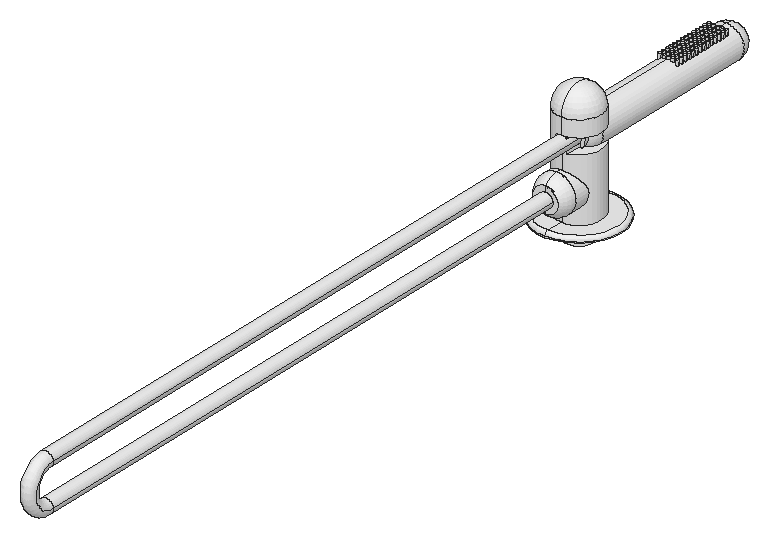
Revit family "ShowerHead-1F-BuiltIn-Vitra-LiquidSeries-A42796", category Plumbing Fixtures, host Face, Revit 2017
Family settings
  Host = Face
  Round Connector Dimension = Use Diameter
  Part Type = Normal
  OmniClass Number = 23.45.00.00
  OmniClass Title = Sanitary, Laundry, and Cleaning Equipment
  Cut with Voids When Loaded = No
  Shared = Yes
  Room Calculation Point = No
Parameters (values of type "ShowerHead-1F-BuiltIn-Vitra-LiquidSeries-A42796")
  Youtube = "https://www.youtube.com/user/VitrAglobal"
  Weight Net (kg) = "2"
  Waste Connection = no
  Warranty Period (Year) = "5 Years"
  Vent Connection = no
  Uniformat II Description = "Plumbing Fixtures"
  Uniformat II Code = "D2010"
  Uniclass 2015 Name = "Shower heads"
  Uniclass 2015 Code = "Pr_40_20_87_76"
  Uniclass 2.0 Description = "Shower Heads"
  Uniclass 2.0 Code = "PR-35-06-81"
  Uniclass 1.4 Description = "Showers"
  Uniclass 1.4 Code = "L7214"
  URL = "https://vitraglobal.com/"
  UNSPSC Description = ""
  UNSPSC Code = ""
  Technical description = "https://www.vitraglobal.com/pdf/A42796/"
  Tap hole Options (default) = ""
  Specification = ""
  Region South America = "All"
  Region Oceania = "All"
  Region North America = "All"
  Region Middle East = "All"
  Region Europe = "All"
  Region Asia = "All"
  Region Antarctica = "All"
  Region Africa = "All"
  Product url = "https://www.vitraglobal.com/shower-systems/handshower-sets/liquid-1f-handshower-set-sku-A42796/"
  Product manual = ""
  Product group = "Showers Head"
  Product family = "Liquid Series"
  Product data url = ""
  Product certification = "https://www.vitraglobal.com/brochures/"
  Product Type = "Showerhead"
  Product SKU = "A42796"
  Product Properties = ""
  Product Guid = ""
  OmniClass Description = "Shower Head Fixtures"
  OmniClass Code = "23-31 17 19"
  Number Of Connections = "1"
  Nominal Width (mm) = 90 mm
  Nominal Height (mm) = 955 mm
  Nominal Depth (mm) = 130 mm
  NBS Referans Description = "Shower Heads"
  NBS Referans Code = "35-06-81"
  Mounting type = "Wall Mounted"
  Model = "A42796"
  Masterformat 2014 Description = "Residential Showers"
  Masterformat 2014 Code = "22 41 23"
  Manufacturer name = "Vitra"
  Manufacturer = "Vitra"
  Main Material = "Metal"
  Installation instructions = ""
  IFC Classification = "Sanitary Terminal"
  Help = ""
  HW Connection = yes
  GTIP code = ""
  Features = ""
  EAN code = ""
  Design country = "Turkey"
  Description = "Liquid 1F Built-in Showerhead"
  Default Elevation = 0 mm
  Connection Diameter (mm) = 15 mm
  Color = "Chrome"
  Coating Material = Chrome (Metal)
  Calculated flow = ""
  CW Connection = yes
  COBIe Type Category = ""
  Brand = "VitrA"
  BIMobject category = "Bath/Shower Mixer"
  Article No. (default) = "A42796"
  Approvals = ""
  ApplicationType = ""
  Accessories (default) = ""
Types (2, lengths in mm): name | Technical description | Product url | Product SKU | Model | Color | Coating Material | Article No. (default)
  ShowerHead-1F-BuiltIn-Vitra-LiquidSeries-A42796 | "https://www.vitraglobal.com/pdf/A42796/" | "https://www.vitraglobal.com/shower-systems/handshower-sets/liquid-1f-handshower-set-sku-A42796/" | "A42796" | "A42796" | "Chrome" | Chrome (Metal) | "A42796"
  ShowerHead-1F-BuiltIn-Vitra-LiquidSeries-A4279639 | "https://www.vitraglobal.com/pdf/A4279639/" | "https://www.vitraglobal.com/shower-systems/handshower-sets/liquid-1f-handshower-set-sku-A4279639/" | "A4279639" | "A4279639" | "Glossy black" | Glossy black (Metal) | "A4279639"
Reference planes
  plane 1 "Center (Front/Back)": y = 0
  plane 2: z = 0
  plane 3 "Center (Left/Right)": x = 0
  plane 4: y = 215.3
  plane 5: y = -739.7
  plane 6: x = 44.68
  plane 7: x = -45.32
  plane 8: z = 130
Forms (mm)
  Revolve 1, solid, material "Chrome (Metal)" <- "Coating Material", detail levels fine
    sketch origin (0, 0, 0) x (0, 1, 0) y (0, 0, 1)
      loop
        line (0, 128.581) -> (0, -19.6) -> (15, -19.6) -> (15, 0) -> (45, 0) -> (45, 0.989)
        arc (45, 0.989) -> (43.825, 3.825) -> (40.989, 5) r 4.011
        line (40.989, 5) -> (23.5, 5) -> (23.5, 105.081)
        arc (23.5, 105.081) -> (16.617, 121.698) -> (0, 128.581) r 23.5
      axis (0, 128.581) -> (0, -19.6)
    angle from 0 to 360
  Revolve 2, solid, material "Chrome (Metal)" <- "Coating Material", detail levels fine
    sketch origin (0, 0, 0) x (0, 1, 0) y (0, 0, 1)
      loop
        line (-6.817, 80) -> (213.8, 80)
        arc (213.8, 80) -> (208.526, 92.734) -> (195.792, 98.008) r 18.008
        line (195.792, 98.008) -> (9.484, 98.008)
        arc (9.484, 98.008) -> (2.313, 96.479) -> (-3.611, 92.159) r 17.583
        line (-3.611, 92.159) -> (-6.817, 92.159) -> (-6.817, 80)
      axis (-6.817, 80) -> (213.8, 80)
    angle from 0 to 360
  Sweep 3, solid, material "Chrome (Metal)" <- "Coating Material", detail levels fine
    path origin (0, 0, 0) x (0, 1, 0) y (0, 0, 1)
      loop
        line (-6.817, 80) -> (-706.817, 80)
        arc (-706.817, 80) -> (-729.312, 57.505) -> (-706.817, 35.01) r 22.495
        line (-706.817, 35.01) -> (-10.3, 35.01)
    profile origin (0, -356.817, 80) x (0, 0, -1) y (1, 0, 0)
      loop
        circle (0, 0) r 7.5
  Revolve 4, solid, material "Chrome (Metal)" <- "Coating Material", detail levels fine
    sketch origin (0, -277.333, -45) x (0, -1, 0) y (0, 0, 1)
      loop
        line (-232.917, 80) -> (-232.917, 93.546)
        arc (-232.917, 93.546) -> (-239.752, 98.318) -> (-247.917, 100) r 20.659
        line (-247.917, 100) -> (-264.917, 100) -> (-264.917, 80) -> (-232.917, 80)
      axis (-264.917, 80) -> (-232.917, 80)
    angle from 0 to 360
  Revolve 5, void
    sketch origin (0, 0, 0) x (0, 1, 0) y (0, 0, 1)
      loop
        line (-24.238, 80) -> (27.833, 80) -> (27.833, 97.863) -> (10.015, 97.863)
        arc (10.015, 97.863) -> (2.629, 96.379) -> (-3.611, 92.159) r 19.129
        line (-3.611, 92.159) -> (-6.817, 92.159) -> (-6.817, 88.25) -> (-24.238, 88.25) -> (-24.238, 80)
      axis (-24.238, 80) -> (27.833, 80)
    angle from 0 to 360
  Extrusion 6, void
    sketch origin (0, 0, 0) x (0, 1, 0) y (0, 0, 1)
      loop
        line (-27.911, 88.25) -> (-27.911, 71.653) -> (19.624, 71.653) -> (19.624, 88.25) -> (-27.911, 88.25)
    from 5.678 to 27.781
  Extrusion 7, solid, material "Chrome (Metal)" <- "Coating Material", detail levels fine
    sketch origin (0, 0, 0) x (1, 0, 0) y (0, 1, 0)
      loop
        circle (-9.751, 184.126) r 1.522
      loop
        circle (-5.049, 184.126) r 1.522
      loop
        circle (-0.346, 184.126) r 1.522
      loop
        circle (4.356, 184.126) r 1.522
      loop
        circle (9.058, 184.126) r 1.522
    from 81 to 99.911
  Extrusion 8, solid, material "Chrome (Metal)" <- "Coating Material", detail levels fine
    sketch origin (0, -65, 0) x (1, 0, 0) y (0, 1, 0)
      loop
        circle (-9.751, 184.126) r 1.522
      loop
        circle (-5.049, 184.126) r 1.522
      loop
        circle (-0.346, 184.126) r 1.522
      loop
        circle (4.356, 184.126) r 1.522
      loop
        circle (9.058, 184.126) r 1.522
    from 81 to 99.911
  Extrusion 9, solid, material "Chrome (Metal)" <- "Coating Material", detail levels fine
    sketch origin (0, -5, 0) x (1, 0, 0) y (0, 1, 0)
      loop
        circle (-9.751, 184.126) r 1.522
      loop
        circle (-5.049, 184.126) r 1.522
      loop
        circle (-0.346, 184.126) r 1.522
      loop
        circle (4.356, 184.126) r 1.522
      loop
        circle (9.058, 184.126) r 1.522
    from 81 to 99.911
  Extrusion 10, solid, material "Chrome (Metal)" <- "Coating Material", detail levels fine
    sketch origin (0, -10, 0) x (1, 0, 0) y (0, 1, 0)
      loop
        circle (-9.751, 184.126) r 1.522
      loop
        circle (-5.049, 184.126) r 1.522
      loop
        circle (-0.346, 184.126) r 1.522
      loop
        circle (4.356, 184.126) r 1.522
      loop
        circle (9.058, 184.126) r 1.522
    from 81 to 99.911
  Extrusion 11, solid, material "Chrome (Metal)" <- "Coating Material", detail levels fine
    sketch origin (0, -15, 0) x (1, 0, 0) y (0, 1, 0)
      loop
        circle (-9.751, 184.126) r 1.522
      loop
        circle (-5.049, 184.126) r 1.522
      loop
        circle (-0.346, 184.126) r 1.522
      loop
        circle (4.356, 184.126) r 1.522
      loop
        circle (9.058, 184.126) r 1.522
    from 81 to 99.911
  Extrusion 12, solid, material "Chrome (Metal)" <- "Coating Material", detail levels fine
    sketch origin (0, -20, 0) x (1, 0, 0) y (0, 1, 0)
      loop
        circle (-9.751, 184.126) r 1.522
      loop
        circle (-5.049, 184.126) r 1.522
      loop
        circle (-0.346, 184.126) r 1.522
      loop
        circle (4.356, 184.126) r 1.522
      loop
        circle (9.058, 184.126) r 1.522
    from 81 to 99.911
  Extrusion 13, solid, material "Chrome (Metal)" <- "Coating Material", detail levels fine
    sketch origin (0, -25, 0) x (1, 0, 0) y (0, 1, 0)
      loop
        circle (-9.751, 184.126) r 1.522
      loop
        circle (-5.049, 184.126) r 1.522
      loop
        circle (-0.346, 184.126) r 1.522
      loop
        circle (4.356, 184.126) r 1.522
      loop
        circle (9.058, 184.126) r 1.522
    from 81 to 99.911
  Extrusion 14, solid, material "Chrome (Metal)" <- "Coating Material", detail levels fine
    sketch origin (0, -30, 0) x (1, 0, 0) y (0, 1, 0)
      loop
        circle (-9.751, 184.126) r 1.522
      loop
        circle (-5.049, 184.126) r 1.522
      loop
        circle (-0.346, 184.126) r 1.522
      loop
        circle (4.356, 184.126) r 1.522
      loop
        circle (9.058, 184.126) r 1.522
    from 81 to 99.911
  Extrusion 15, solid, material "Chrome (Metal)" <- "Coating Material", detail levels fine
    sketch origin (0, -35, 0) x (1, 0, 0) y (0, 1, 0)
      loop
        circle (-9.751, 184.126) r 1.522
      loop
        circle (-5.049, 184.126) r 1.522
      loop
        circle (-0.346, 184.126) r 1.522
      loop
        circle (4.356, 184.126) r 1.522
      loop
        circle (9.058, 184.126) r 1.522
    from 81 to 99.911
  Extrusion 16, solid, material "Chrome (Metal)" <- "Coating Material", detail levels fine
    sketch origin (0, -40, 0) x (1, 0, 0) y (0, 1, 0)
      loop
        circle (-9.751, 184.126) r 1.522
      loop
        circle (-5.049, 184.126) r 1.522
      loop
        circle (-0.346, 184.126) r 1.522
      loop
        circle (4.356, 184.126) r 1.522
      loop
        circle (9.058, 184.126) r 1.522
    from 81 to 99.911
  Extrusion 17, solid, material "Chrome (Metal)" <- "Coating Material", detail levels fine
    sketch origin (0, -45, 0) x (1, 0, 0) y (0, 1, 0)
      loop
        circle (-9.751, 184.126) r 1.522
      loop
        circle (-5.049, 184.126) r 1.522
      loop
        circle (-0.346, 184.126) r 1.522
      loop
        circle (4.356, 184.126) r 1.522
      loop
        circle (9.058, 184.126) r 1.522
    from 81 to 99.911
  Extrusion 18, solid, material "Chrome (Metal)" <- "Coating Material", detail levels fine
    sketch origin (0, -50, 0) x (1, 0, 0) y (0, 1, 0)
      loop
        circle (-9.751, 184.126) r 1.522
      loop
        circle (-5.049, 184.126) r 1.522
      loop
        circle (-0.346, 184.126) r 1.522
      loop
        circle (4.356, 184.126) r 1.522
      loop
        circle (9.058, 184.126) r 1.522
    from 81 to 99.911
  Extrusion 19, solid, material "Chrome (Metal)" <- "Coating Material", detail levels fine
    sketch origin (0, -55, 0) x (1, 0, 0) y (0, 1, 0)
      loop
        circle (-9.751, 184.126) r 1.522
      loop
        circle (-5.049, 184.126) r 1.522
      loop
        circle (-0.346, 184.126) r 1.522
      loop
        circle (4.356, 184.126) r 1.522
      loop
        circle (9.058, 184.126) r 1.522
    from 81 to 99.911
  Extrusion 20, solid, material "Chrome (Metal)" <- "Coating Material", detail levels fine
    sketch origin (0, -60, 0) x (1, 0, 0) y (0, 1, 0)
      loop
        circle (-9.751, 184.126) r 1.522
      loop
        circle (-5.049, 184.126) r 1.522
      loop
        circle (-0.346, 184.126) r 1.522
      loop
        circle (4.356, 184.126) r 1.522
      loop
        circle (9.058, 184.126) r 1.522
    from 81 to 99.911
  Extrusion 21, solid, detail levels coarse
    sketch origin (0, 0, 0) x (1, 0, 0) y (0, 1, 0)
      loop
        line (44.68, 215.3) -> (-49.695, 215.3) -> (-49.695, -739.7) -> (44.68, -739.7) -> (44.68, 215.3)
    from 0 to 130
  Revolve 22, solid, detail levels medium
    sketch origin (0, 0, 0) x (0, 1, 0) y (0, 0, 1)
      loop
        line (0, 130) -> (0, -19.6) -> (15, -19.6) -> (15, 0) -> (45, 0) -> (45, 5) -> (23.5, 5) -> (23.5, 130) -> (0, 130)
      axis (0, 130) -> (0, -19.6)
    angle from 0 to 360
  Revolve 23, solid, detail levels medium
    sketch origin (0, 0, 0) x (0, 1, 0) y (0, 0, 1)
      loop
        line (215.3, 81.079) -> (215.3, 96.079) -> (-24.7, 96.079) -> (-24.7, 81.079) -> (215.3, 81.079)
      axis (-24.7, 81.079) -> (215.3, 81.079)
    angle from 0 to 360
  Sweep 24, solid, detail levels medium
    path origin (0, 0, 0) x (0, 1, 0) y (0, 0, 1)
      loop
        line (-6.817, 80) -> (-701.817, 80)
        arc (-701.817, 80) -> (-724.312, 57.505) -> (-701.817, 35.01) r 22.495
        line (-701.817, 35.01) -> (-10.3, 35.01)
    profile origin (0, -354.317, 80) x (0, 0, -1) y (1, 0, 0)
      loop
        circle (0.022, 0) r 7.492
Cuts and joins
  Revolve 5, Extrusion 6 cuts Revolve 1
  joined: Revolve 2, Sweep 3, Revolve 4, Extrusion 7, Extrusion 8, Extrusion 9, Extrusion 10, Extrusion 11, Extrusion 12, Extrusion 13, Extrusion 14, Extrusion 15, Extrusion 16, Extrusion 17, Extrusion 18, Extrusion 19, Extrusion 20
Dimensions and locks
  "Nominal Width (mm)": plane 7 to plane 6
  "Nominal Height (mm)": plane 4 to plane 5
  "Nominal Depth (mm)": plane 8 to level
  aligned and locked: plane 2 to host face
  aligned and locked: level to host face
Automatic sketch dimensions
  host sketch curve to host sketch curve = 2438.4 mm  (x2)
  Revolve 1 sketch curve to plane 1 "Center (Front/Back)" = 0 mm  (x2)
  Revolve 1 sketch curve to level = 0 mm
  Revolve 1 sketch curve to Revolve 1 sketch curve = 15 mm
  level to Revolve 1 sketch curve = 5 mm
  Revolve 1 sketch curve to Revolve 1 sketch curve = 8.5 mm
  level to Revolve 1 sketch curve = 0.989 mm
  Revolve 1 sketch curve to Revolve 1 sketch curve = 17.489 mm
  Revolve 1 sketch curve to level = 19.6 mm
  Revolve 1 sketch curve to plane 8 = 24.919 mm
  Revolve 1 sketch curve to Revolve 1 sketch curve = 50.591 mm
  Revolve 1 sketch curve to Revolve 1 sketch curve = 5.509 mm
  Revolve 2 sketch curve to plane 1 "Center (Front/Back)" = 0 mm
  plane 1 "Center (Front/Back)" to Revolve 2 sketch curve = 3.611 mm
  plane 1 "Center (Front/Back)" to Revolve 2 sketch curve = 6.817 mm
  Revolve 2 sketch curve to plane 1 "Center (Front/Back)" = 9.484 mm
  Revolve 2 sketch curve to plane 4 = 19.508 mm
  Revolve 2 sketch curve to plane 4 = 1.5 mm
  Revolve 2 sketch curve to plane 8 = 50 mm
  Revolve 2 sketch curve to Revolve 2 sketch curve = 0.425 mm
  Revolve 2 sketch curve to Revolve 2 sketch curve = 4.484 mm
  Revolve 2 sketch curve to Revolve 2 sketch curve = 0 mm
  plane 5 to Sweep 3 sketch curve = 32.883 mm
  level to Sweep 3 sketch curve = 35.01 mm
  Sweep 3 sketch curve to Sweep 3 sketch curve = 22.495 mm
  plane 1 "Center (Front/Back)" to Sweep 3 sketch curve = 10.3 mm
  plane 1 "Center (Front/Back)" to Sweep 3 sketch curve = 6.817 mm
  Sweep 3 sketch curve to plane 3 "Center (Left/Right)" = 0 mm
  Sweep 3 sketch curve to profile plane = 0 mm
  Revolve 4 sketch curve to plane 1 "Center (Front/Back)" = 12.417 mm
  Revolve 4 sketch curve to Revolve 4 sketch curve = 17 mm
  Revolve 4 sketch curve to Revolve 4 sketch curve = 15 mm
  Revolve 4 sketch curve to level = 34.341 mm
  Revolve 4 sketch curve to Revolve 4 sketch curve = 0.659 mm  (x2)
  Revolve 4 sketch curve to Revolve 4 sketch curve = 13.546 mm
  Revolve 4 sketch curve to Revolve 4 sketch curve = 3.095 mm
  Revolve 4 sketch curve to Revolve 4 sketch curve = 5 mm
  plane 1 "Center (Front/Back)" to Revolve 5 sketch curve = 24.238 mm
  plane 1 "Center (Front/Back)" to Revolve 5 sketch curve = 6.817 mm
  Revolve 5 sketch curve to Revolve 5 sketch curve = 3.206 mm
  Revolve 5 sketch curve to plane 1 "Center (Front/Back)" = 10.015 mm
  Revolve 5 sketch curve to Revolve 5 sketch curve = 17.818 mm
  Revolve 5 sketch curve to plane 8 = 51.266 mm
  Revolve 5 sketch curve to Revolve 5 sketch curve = 1.266 mm  (x2)
  Revolve 5 sketch curve to Revolve 5 sketch curve = 8.25 mm
  Revolve 5 sketch curve to Revolve 5 sketch curve = 3.909 mm
  Revolve 5 sketch curve to plane 1 "Center (Front/Back)" = 3.183 mm
  Revolve 5 sketch curve to Revolve 5 sketch curve = 2.832 mm
  plane 1 "Center (Front/Back)" to Extrusion 6 sketch curve = 27.911 mm
  Extrusion 6 sketch curve to plane 1 "Center (Front/Back)" = 19.624 mm
  Extrusion 6 sketch curve to plane 8 = 58.347 mm
  Extrusion 6 sketch curve to Extrusion 6 sketch curve = 16.597 mm
  Extrusion 7 sketch curve to plane 3 "Center (Left/Right)" = 9.751 mm
  Extrusion 7 sketch curve to Extrusion 7 sketch curve = 4.702 mm  (x2)
  Extrusion 7 sketch curve to plane 3 "Center (Left/Right)" = 0.346 mm
  plane 3 "Center (Left/Right)" to Extrusion 7 sketch curve = 4.356 mm
  Extrusion 7 sketch curve to plane 4 = 31.174 mm
  Extrusion 7 sketch curve to Extrusion 7 sketch curve = 0 mm  (x4)
  Extrusion 8 sketch curve to plane 3 "Center (Left/Right)" = 9.751 mm
  Extrusion 8 sketch curve to Extrusion 8 sketch curve = 4.702 mm  (x2)
  Extrusion 8 sketch curve to plane 3 "Center (Left/Right)" = 0.346 mm
  plane 3 "Center (Left/Right)" to Extrusion 8 sketch curve = 4.356 mm
  Extrusion 8 sketch curve to plane 4 = 96.174 mm
  Extrusion 8 sketch curve to Extrusion 8 sketch curve = 0 mm  (x4)
  Extrusion 9 sketch curve to plane 3 "Center (Left/Right)" = 9.751 mm
  Extrusion 9 sketch curve to Extrusion 9 sketch curve = 4.702 mm  (x2)
  Extrusion 9 sketch curve to plane 3 "Center (Left/Right)" = 0.346 mm
  plane 3 "Center (Left/Right)" to Extrusion 9 sketch curve = 4.356 mm
  Extrusion 9 sketch curve to plane 4 = 36.174 mm
  Extrusion 9 sketch curve to Extrusion 9 sketch curve = 0 mm  (x4)
  Extrusion 10 sketch curve to plane 3 "Center (Left/Right)" = 9.751 mm
  Extrusion 10 sketch curve to Extrusion 10 sketch curve = 4.702 mm  (x2)
  Extrusion 10 sketch curve to plane 3 "Center (Left/Right)" = 0.346 mm
  plane 3 "Center (Left/Right)" to Extrusion 10 sketch curve = 4.356 mm
  Extrusion 10 sketch curve to plane 4 = 41.174 mm
  Extrusion 10 sketch curve to Extrusion 10 sketch curve = 0 mm  (x4)
  Extrusion 11 sketch curve to plane 3 "Center (Left/Right)" = 9.751 mm
  Extrusion 11 sketch curve to Extrusion 11 sketch curve = 4.702 mm  (x2)
  Extrusion 11 sketch curve to plane 3 "Center (Left/Right)" = 0.346 mm
  plane 3 "Center (Left/Right)" to Extrusion 11 sketch curve = 4.356 mm
  Extrusion 11 sketch curve to plane 4 = 46.174 mm
  Extrusion 11 sketch curve to Extrusion 11 sketch curve = 0 mm  (x4)
  Extrusion 12 sketch curve to plane 3 "Center (Left/Right)" = 9.751 mm
  Extrusion 12 sketch curve to Extrusion 12 sketch curve = 4.702 mm  (x2)
  Extrusion 12 sketch curve to plane 3 "Center (Left/Right)" = 0.346 mm
  plane 3 "Center (Left/Right)" to Extrusion 12 sketch curve = 4.356 mm
  Extrusion 12 sketch curve to plane 4 = 51.174 mm
  Extrusion 12 sketch curve to Extrusion 12 sketch curve = 0 mm  (x4)
  Extrusion 13 sketch curve to plane 3 "Center (Left/Right)" = 9.751 mm
  Extrusion 13 sketch curve to Extrusion 13 sketch curve = 4.702 mm  (x2)
  Extrusion 13 sketch curve to plane 3 "Center (Left/Right)" = 0.346 mm
  plane 3 "Center (Left/Right)" to Extrusion 13 sketch curve = 4.356 mm
  Extrusion 13 sketch curve to plane 4 = 56.174 mm
  Extrusion 13 sketch curve to Extrusion 13 sketch curve = 0 mm  (x4)
  Extrusion 14 sketch curve to plane 3 "Center (Left/Right)" = 9.751 mm
  Extrusion 14 sketch curve to Extrusion 14 sketch curve = 4.702 mm  (x2)
  Extrusion 14 sketch curve to plane 3 "Center (Left/Right)" = 0.346 mm
  plane 3 "Center (Left/Right)" to Extrusion 14 sketch curve = 4.356 mm
  Extrusion 14 sketch curve to plane 4 = 61.174 mm
  Extrusion 14 sketch curve to Extrusion 14 sketch curve = 0 mm  (x4)
  Extrusion 15 sketch curve to plane 3 "Center (Left/Right)" = 9.751 mm
  Extrusion 15 sketch curve to Extrusion 15 sketch curve = 4.702 mm  (x2)
  Extrusion 15 sketch curve to plane 3 "Center (Left/Right)" = 0.346 mm
  plane 3 "Center (Left/Right)" to Extrusion 15 sketch curve = 4.356 mm
  Extrusion 15 sketch curve to plane 4 = 66.174 mm
  Extrusion 15 sketch curve to Extrusion 15 sketch curve = 0 mm  (x4)
  Extrusion 16 sketch curve to plane 3 "Center (Left/Right)" = 9.751 mm
  Extrusion 16 sketch curve to Extrusion 16 sketch curve = 4.702 mm  (x2)
  Extrusion 16 sketch curve to plane 3 "Center (Left/Right)" = 0.346 mm
  plane 3 "Center (Left/Right)" to Extrusion 16 sketch curve = 4.356 mm
  Extrusion 16 sketch curve to plane 4 = 71.174 mm
  Extrusion 16 sketch curve to Extrusion 16 sketch curve = 0 mm  (x4)
  Extrusion 17 sketch curve to plane 3 "Center (Left/Right)" = 9.751 mm
  Extrusion 17 sketch curve to Extrusion 17 sketch curve = 4.702 mm  (x2)
  Extrusion 17 sketch curve to plane 3 "Center (Left/Right)" = 0.346 mm
  plane 3 "Center (Left/Right)" to Extrusion 17 sketch curve = 4.356 mm
  Extrusion 17 sketch curve to plane 4 = 76.174 mm
  Extrusion 17 sketch curve to Extrusion 17 sketch curve = 0 mm  (x4)
  Extrusion 18 sketch curve to plane 3 "Center (Left/Right)" = 9.751 mm
  Extrusion 18 sketch curve to Extrusion 18 sketch curve = 4.702 mm  (x2)
  Extrusion 18 sketch curve to plane 3 "Center (Left/Right)" = 0.346 mm
  plane 3 "Center (Left/Right)" to Extrusion 18 sketch curve = 4.356 mm
  Extrusion 18 sketch curve to plane 4 = 81.174 mm
  Extrusion 18 sketch curve to Extrusion 18 sketch curve = 0 mm  (x4)
  Extrusion 19 sketch curve to plane 3 "Center (Left/Right)" = 9.751 mm
  Extrusion 19 sketch curve to Extrusion 19 sketch curve = 4.702 mm  (x2)
  Extrusion 19 sketch curve to plane 3 "Center (Left/Right)" = 0.346 mm
  plane 3 "Center (Left/Right)" to Extrusion 19 sketch curve = 4.356 mm
  Extrusion 19 sketch curve to plane 4 = 86.174 mm
  Extrusion 19 sketch curve to Extrusion 19 sketch curve = 0 mm  (x4)
  Extrusion 20 sketch curve to plane 3 "Center (Left/Right)" = 9.751 mm
  Extrusion 20 sketch curve to Extrusion 20 sketch curve = 4.702 mm  (x2)
  Extrusion 20 sketch curve to plane 3 "Center (Left/Right)" = 0.346 mm
  plane 3 "Center (Left/Right)" to Extrusion 20 sketch curve = 4.356 mm
  Extrusion 20 sketch curve to plane 4 = 91.174 mm
  Extrusion 20 sketch curve to Extrusion 20 sketch curve = 0 mm  (x4)
  Extrusion 21 sketch curve to plane 4 = 0 mm
  Extrusion 21 sketch curve to plane 5 = 0 mm
  Extrusion 21 sketch curve to plane 6 = 0 mm
  plane 7 to Extrusion 21 sketch curve = 4.375 mm
  Revolve 22 sketch curve to plane 1 "Center (Front/Back)" = 0 mm  (x2)
  Revolve 22 sketch curve to level = 0 mm
  Revolve 22 sketch curve to plane 8 = 0 mm
  Revolve 22 sketch curve to Revolve 22 sketch curve = 15 mm
  Revolve 22 sketch curve to Revolve 22 sketch curve = 23.5 mm
  Revolve 22 sketch curve to Revolve 22 sketch curve = 21.5 mm
  Revolve 22 sketch curve to level = 19.6 mm
  level to Revolve 22 sketch curve = 5 mm
  Revolve 22 sketch curve to plane 8 = 25 mm
  Revolve 22 sketch curve to Revolve 22 sketch curve = 10 mm
  Revolve 23 sketch curve to plane 4 = 0 mm
  plane 1 "Center (Front/Back)" to Revolve 23 sketch curve = 24.7 mm
  Revolve 23 sketch curve to plane 8 = 48.921 mm  (x2)
  Revolve 23 sketch curve to Revolve 23 sketch curve = 15 mm
  Revolve 23 sketch curve to plane 4 = 85 mm
  Revolve 23 sketch curve to Revolve 23 sketch curve = 35 mm
  plane 5 to Sweep 24 sketch curve = 37.883 mm
  plane 1 "Center (Front/Back)" to Sweep 24 sketch curve = 10.3 mm
  plane 1 "Center (Front/Back)" to Sweep 24 sketch curve = 6.817 mm
  Sweep 24 sketch curve to Sweep 24 sketch curve = 22.495 mm
  level to Sweep 24 sketch curve = 35.01 mm
  Sweep 24 sketch curve to plane 3 "Center (Left/Right)" = 0 mm
  Sweep 24 sketch curve to profile plane = 0.022 mm
  radius of Sweep 3 sketch curve = 7.5 mm
  radius of Extrusion 7 sketch curve = 1.522 mm  (x5)
  radius of Extrusion 8 sketch curve = 1.522 mm  (x5)
  radius of Extrusion 9 sketch curve = 1.522 mm  (x5)
  radius of Extrusion 10 sketch curve = 1.522 mm  (x5)
  radius of Extrusion 11 sketch curve = 1.522 mm  (x5)
  radius of Extrusion 12 sketch curve = 1.522 mm  (x5)
  radius of Extrusion 13 sketch curve = 1.522 mm  (x5)
  radius of Extrusion 14 sketch curve = 1.522 mm  (x5)
  radius of Extrusion 15 sketch curve = 1.522 mm  (x5)
  radius of Extrusion 16 sketch curve = 1.522 mm  (x5)
  radius of Extrusion 17 sketch curve = 1.522 mm  (x5)
  radius of Extrusion 18 sketch curve = 1.522 mm  (x5)
  radius of Extrusion 19 sketch curve = 1.522 mm  (x5)
  radius of Extrusion 20 sketch curve = 1.522 mm  (x5)
  radius of Sweep 24 sketch curve = 7.492 mm
Connectors
  piping at (0, 0, 0), diameter 15
    settings: on cut or joined group of Revolve 1, Revolve 5, Extrusion 6, index 1, connector inside diameter 609.6 mm, connector length 0 mm, flow factor 0, pipe flow 0.0 L/s, pressure drop 0.0 Pa, fitting loss kfactor 0, connector angle 0.00°, fixture units 0, engagement length 0 mm, angle of deflection 0.00°, flow configuration 0, flow direction 1, fitting loss method 0, system type 22, joint type 0, gender type 0, connector reference index -1, connector utility 0, adjustable connector no, is connector primary yes, connector description ""
